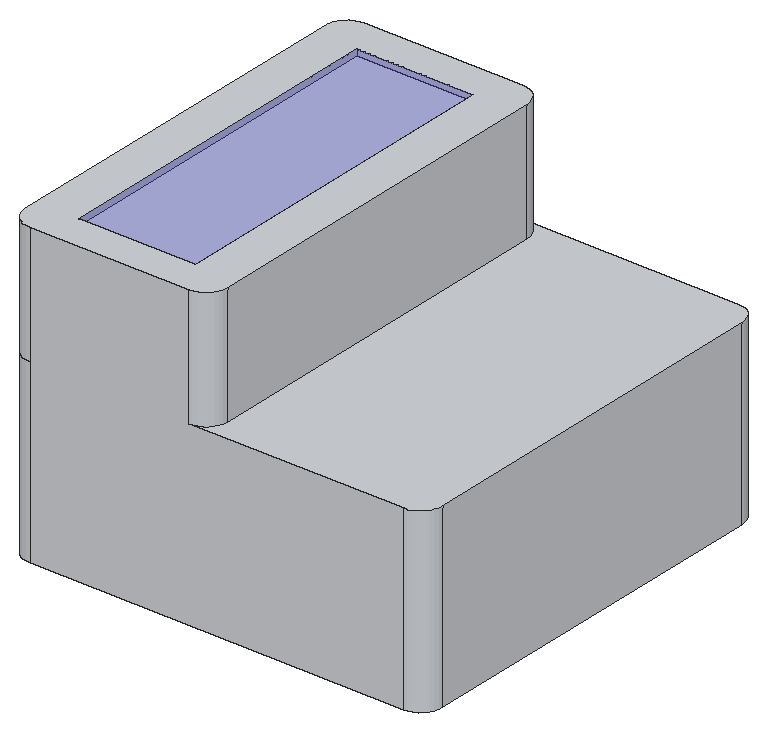
Revit family "Domotics-SerieCivili-GEWISS-27COMBIDIN_SYSTEM-IP40_2M_4SY", category Apparecchi elettrici, host Superficie, Revit 2016 (continued)
Automatic sketch dimensions
  Filled region 22 sketch curve to Filled region 22 sketch curve = 5 mm
  plane 19 to Filled region 22 sketch curve = 7.471 mm
  Filled region 22 sketch curve to Filled region 22 sketch curve = 0.833 mm
  Filled region 22 sketch curve to Filled region 22 sketch curve = 1.667 mm
  Filled region 23 sketch curve to plane 11 = 42.054 mm
  Filled region 23 sketch curve to plane 10 = 147.33 mm
  Filled region 23 sketch curve to plane 11 = 42.888 mm
  Filled region 23 sketch curve to Filled region 23 sketch curve = 5 mm
  Filled region 23 sketch curve to Filled region 23 sketch curve = 1.667 mm
  Filled region 24 sketch curve to plane 11 = 42.888 mm
  Filled region 24 sketch curve to plane 10 = 106.33 mm
  Filled region 24 sketch curve to plane 11 = 42.054 mm
  Filled region 24 sketch curve to Filled region 24 sketch curve = 5 mm
  Filled region 24 sketch curve to Filled region 24 sketch curve = 1.667 mm
  Extrusion 1 sketch curve to plane 14 = 6.487 mm  (x2)
  Extrusion 1 sketch curve to plane 20 = 4.02 mm
  Extrusion 1 sketch curve to plane 18 = 4.058 mm
  Filled region 25 sketch curve to level = 0 mm
  level to Filled region 25 sketch curve = 5 mm
  plane 12 to Filled region 25 sketch curve = 34.193 mm
  Filled region 25 sketch curve to Filled region 25 sketch curve = 0.833 mm
  Filled region 25 sketch curve to Filled region 25 sketch curve = 1.667 mm
  Filled region 26 sketch curve to plane 4 "Piano Allineamento Sportellino" = 0 mm
  Filled region 26 sketch curve to plane 9 = 3 mm
  plane 12 to Filled region 26 sketch curve = 34.193 mm
  Filled region 26 sketch curve to Filled region 26 sketch curve = 0.833 mm
  Filled region 26 sketch curve to Filled region 26 sketch curve = 1.667 mm
  Filled region 27 sketch curve to plane 4 "Piano Allineamento Sportellino" = 0 mm
  Filled region 27 sketch curve to plane 9 = 3 mm
  plane 12 to Filled region 27 sketch curve = 17.636 mm
  Filled region 27 sketch curve to Filled region 27 sketch curve = 0.833 mm
  Filled region 27 sketch curve to Filled region 27 sketch curve = 1.667 mm
  Filled region 28 sketch curve to plane 8 = 0 mm
  plane 12 to Filled region 28 sketch curve = 17.636 mm
  Filled region 28 sketch curve to plane 8 = 5 mm
  Filled region 28 sketch curve to Filled region 28 sketch curve = 0.833 mm
  Filled region 28 sketch curve to Filled region 28 sketch curve = 1.667 mm
  plane 6 to Filled region 29 sketch curve = 2.934 mm
  plane 12 to Filled region 29 sketch curve = 17.636 mm
  Filled region 29 sketch curve to plane 8 = 5 mm
  Filled region 29 sketch curve to Filled region 29 sketch curve = 0.833 mm
  Filled region 29 sketch curve to Filled region 29 sketch curve = 1.667 mm
  Filled region 30 sketch curve to level = 0 mm
  level to Filled region 30 sketch curve = 5 mm
  plane 12 to Filled region 30 sketch curve = 17.636 mm
  Filled region 30 sketch curve to Filled region 30 sketch curve = 0.833 mm
  Filled region 30 sketch curve to Filled region 30 sketch curve = 1.667 mm
  Filled region 31 sketch curve to plane 7 = 8.17 mm
  Filled region 31 sketch curve to plane 11 = 29.618 mm
  Filled region 31 sketch curve to plane 7 = 13.17 mm
  Filled region 31 sketch curve to Filled region 31 sketch curve = 0.833 mm
  Filled region 31 sketch curve to Filled region 31 sketch curve = 1.667 mm
  Filled region 32 sketch curve to plane 9 = 3.504 mm
  Filled region 32 sketch curve to plane 11 = 29.618 mm
  Filled region 32 sketch curve to plane 4 "Piano Allineamento Sportellino" = 0.504 mm
  Filled region 32 sketch curve to Filled region 32 sketch curve = 0.833 mm
  Filled region 32 sketch curve to Filled region 32 sketch curve = 1.667 mm
  Filled region 33 sketch curve to plane 11 = 12.088 mm
  Filled region 33 sketch curve to Filled region 33 sketch curve = 0.833 mm
  Filled region 33 sketch curve to Filled region 33 sketch curve = 1.667 mm
  Filled region 33 sketch curve to plane 7 = 13.17 mm
  Filled region 33 sketch curve to Filled region 33 sketch curve = 5 mm
  Filled region 34 sketch curve to plane 8 = 4.704 mm
  Filled region 34 sketch curve to plane 11 = 12.088 mm
  plane 8 to Filled region 34 sketch curve = 0.296 mm
  Filled region 34 sketch curve to Filled region 34 sketch curve = 0.833 mm
  Filled region 34 sketch curve to Filled region 34 sketch curve = 1.667 mm
  plane 6 to Filled region 35 sketch curve = 1.83 mm
  Filled region 35 sketch curve to plane 11 = 11.908 mm
  Filled region 35 sketch curve to plane 11 = 11.074 mm
  Filled region 35 sketch curve to Filled region 35 sketch curve = 1.667 mm
  Filled region 35 sketch curve to plane 7 = 13.17 mm
  Filled region 36 sketch curve to plane 6 = 5.77 mm
  Filled region 36 sketch curve to plane 11 = 11.908 mm
  level to Filled region 36 sketch curve = 1.296 mm
  Filled region 36 sketch curve to plane 11 = 11.074 mm
  Filled region 36 sketch curve to Filled region 36 sketch curve = 1.667 mm
  Extrusion 2 sketch curve to plane 14 = 6.487 mm  (x2)
  Extrusion 2 sketch curve to plane 18 = 4.058 mm
  plane 10 to Extrusion 2 sketch curve = 7 mm
  Extrusion 3 sketch curve to plane 24 = 0 mm
  Extrusion 3 sketch curve to plane 20 = 0 mm
  Extrusion 3 sketch curve to plane 26 = 0 mm
  plane 10 to Extrusion 3 sketch curve = 15.097 mm
  curve 19 to Extrusion 1 = 6.322 mm
  curve 20 to Extrusion 1 = 6.322 mm
  curve 13 to Extrusion 1 = 7.088 mm
  curve 13 to Extrusion 1 = 11.452 mm
  curve 14 to Extrusion 1 = 7.051 mm
  curve 14 to Extrusion 1 = 11.452 mm
  curve 19 to Extrusion 1 = 7.046 mm
  curve 20 to Extrusion 1 = 7.084 mm
  curve 11 to curve 20 = 0.005 mm
  curve 9 to Extrusion 1 = 2.034 mm
  curve 9 to curve 19 = 0.005 mm
  curve 26 to curve 19 = 2.135 mm
  curve 27 to curve 20 = 2.135 mm
  curve 12 to Extrusion 1 = 1.576 mm
  curve 10 to Extrusion 1 = 1.576 mm
  curve 26 to Extrusion 1 = 4.962 mm
  curve 19 to curve 26 = 2.135 mm
  curve 27 to Extrusion 1 = 5 mm
  curve 20 to curve 27 = 2.135 mm
  curve 27 to curve 12 = 2.611 mm
  curve 26 to curve 10 = 2.634 mm
  curve 4 to curve 14 = 4.746 mm
  curve 2 to curve 13 = 4.746 mm
  curve 22 to Extrusion 1 = 5.005 mm
  curve 22 to curve 13 = 2.135 mm
  curve 23 to Extrusion 1 = 4.967 mm
  curve 23 to curve 14 = 2.135 mm
  curve 1 to curve 13 = 0 mm
  curve 3 to curve 14 = 0 mm
  curve 22 to Extrusion 1 = 9.172 mm
  curve 23 to Extrusion 1 = 9.134 mm
  curve 23 to curve 4 = 2.611 mm
  curve 22 to curve 2 = 2.611 mm
  curve 4 to curve 23 = 2.084 mm
  curve 26 to curve 10 = 2.084 mm
  curve 3 to Extrusion 1 = 2.034 mm
  curve 23 to curve 3 = 2.933 mm
  curve 26 to curve 9 = 2.937 mm
  curve 1 to curve 22 = 2.933 mm
  curve 11 to curve 27 = 2.89 mm
  curve 2 to curve 22 = 2.084 mm
  curve 27 to curve 12 = 2.084 mm
  curve 1 to Extrusion 1 = 2.072 mm
  curve 11 to Extrusion 1 = 2.072 mm
  curve 17 to Extrusion 2 = 6.311 mm
  curve 18 to Extrusion 2 = 6.311 mm
  curve 17 to Extrusion 2 = 7.082 mm
  curve 18 to Extrusion 2 = 7.084 mm
  curve 24 to curve 17 = 2.135 mm
  curve 25 to curve 18 = 2.135 mm
  curve 8 to curve 25 = 2.611 mm
  curve 6 to curve 24 = 2.631 mm
  curve 24 to curve 5 = 2.139 mm
  curve 18 to curve 7 = 0.005 mm
  curve 17 to curve 24 = 2.135 mm
  curve 18 to curve 25 = 2.135 mm
  curve 6 to Extrusion 2 = 1.566 mm
  curve 8 to Extrusion 2 = 1.566 mm
  curve 6 to curve 17 = 0 mm
  curve 24 to curve 17 = 2.084 mm
  curve 5 to Extrusion 2 = 2.07 mm
  curve 24 to curve 5 = 2.937 mm
  curve 7 to curve 18 = 5.021 mm
  curve 25 to curve 18 = 2.084 mm
  curve 25 to curve 8 = 2.084 mm
  curve 7 to Extrusion 2 = 2.072 mm
  plane 18 to Extrusion 6 sketch curve = 0 mm
  Extrusion 7 sketch curve to plane 24 = 0 mm
  Extrusion 7 sketch curve to plane 25 = 0 mm
  plane 10 to Extrusion 7 sketch curve = 15.097 mm
  plane 23 to Extrusion 7 sketch curve = 4.381 mm
Types (2, lengths in mm): name | URL | Produttore | Modello | Descrizione
  (no name) | 0 | 0 | 0 | 0
  GW27071 - Contenitore 2 mod. DIN + (2x2) mod. System | "https://www.gewiss.com/it/it" | "GEWISS S.p.A." | "GW27071" | "CONTENITORE 2MOD.DIN+(2X2)MOD.SYSTEM PR."
